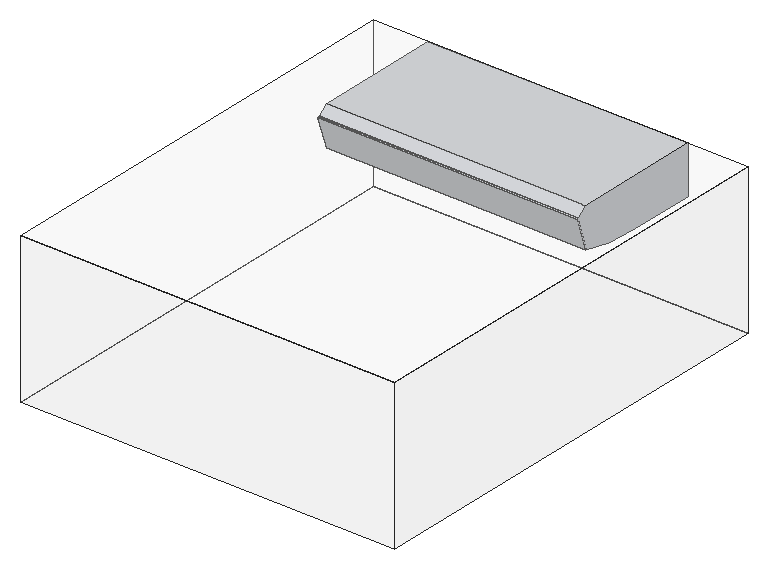
Revit family "pcfy-p45_160kmg9_60hz", category 機械設備, Revit 2019
Family settings
  丸型コネクタ寸法 = 直径を使用
  パーツ タイプ = 標準
  OmniClass 番号 = 23.75.10.24.21.27.27
  OmniClass タイトル = Split System Air Conditioning Units
  作業面ベース = いいえ
  常に垂直 = はい
  ロード時にボイドで切り取り = いいえ
  共有 = いいえ
  部屋計算ポイント = はい
Parameters (values of type "天吊_PCFY-P90KMG9")
  風量（弱）（m3／min） = 15
  風量（中2）（m3／min） = 16
  風量（中1）（m3／min） = 18
  風量（m3／min） = 20
  風量 = MAX風量  # 1200.0 m³/h
  音響パワーレベル（弱）(dB) = 54
  音響パワーレベル（中2）(dB) = 55
  音響パワーレベル（中1）(dB) = 56
  音響パワーレベル(dB) = 58
  電源種別 = ""
  電源_H = 0 mm
  電圧 = 200 V
  電動機出力_送風機 = 0.095 kW
  運転質量 = 0.00 kg
  連動 = ""
  質量 = if(製品質量 > 運転質量, 製品質量, 運転質量) * 1.2  # 38.40 kg
  負荷分類 = 3_ファン類
  説明 = "ビル用マルチ 天吊形室内機"
  設計暖房能力 = 0.00 kW
  設計冷房能力_顕熱 = 0 kW
  設計冷房能力 = 0 kW
  設置方法 = "天井吊形"
  記号 = ""
  製造元 = "三菱電機株式会社"
  製品質量 = 32.00 kg
  製品出荷対象 = "国内"
  製品リリース年月 = "2022/9/15"
  製品グループ = ""
  系統 = ""
  符号 = "ACP-CR"
  積算_科目 = "1 空気調和設備"
  積算_拾い区分 [instance] = ""
  相 = 1
  盤記号 = ""
  発停方法 = "付属スイッチ"
  特殊仕様 = ""
  点検口離隔 [instance] = if(点検口離隔入力値 > 200 mm, 200 mm, if(点検口離隔入力値 < 150 mm, 150 mm, 点検口離隔入力値))  # 150 mm
  点検口離隔入力値 [instance] = 0 mm
  点検口設置範囲 = 0 mm
  点検口 = yes
  火災停止 = ""
  消費電力_暖房 = 0.08 kW
  消費電力_冷房 = 0.09 kW
  消費電力 = if(消費電力_冷房 > 消費電力_暖房, 消費電力_冷房, 消費電力_暖房)  # 0.09 kW
  法定耐用年数 = "6"
  極数 = 1
  材質 = ""
  本体マテリアル = none
  有効加湿量 = 0
  暖房能力 = 10.00 kW
  推奨ブレーカー容量 = 15 A
  形式_加湿器 = ""
  形式 = "天井吊（露出）形"
  幹線記号 = ""
  始動方式 = "直入"
  呼称 = "室内機_天井吊(露出)形"
  周波数 = 60 Hz
  吊り位置Y = 320 mm
  吊り位置X = 1237 mm
  吊りボルト_H = 50 mm
  台数_手元リモコン = ""
  台数_冷媒分岐ユニット = ""
  参照している仕様書等のバージョン = "公共建築物標準仕様書（機械設備工事編）平成31年度版"
  加湿給水管径 = 0 mm
  分類コード = "50053003221080"
  分類グループ = ""
  冷房能力 = 9 kW
  冷媒高低圧ガス管径 = 0 mm
  冷媒管径符号 = "Bd"
  冷媒管径 = 100 mm
  冷媒液管高さ = 126 mm
  冷媒液管長さ = 184 mm
  冷媒液管径 = 9.5 mm
  冷媒ガス管高さ = 126 mm
  冷媒ガス管長さ = 200 mm
  冷媒ガス管径 = 15.9 mm
  企業コード = "108420"
  付属品_フィルター = ""
  付属品 = ""
  仕様書バージョン = "Version1.0"
  モデル = "PCFY-P90KMG9"
  パネルマテリアル = none
  ドレン管高さ = 190 mm
  ドレン管径 (外径) = 26 mm
  ドレン管径 = 20 mm
  サービススペース = yes
  コメント [instance] = ""
  ケーブル種類1 = ""
  ケーブルサイズ1 = 1.6 mm
  【値が 0 の項目は組合せ形名にてご確認ください】 = ""
  Width = 1280 mm
  Version = ""
  Uniclass2015Version = "Systems v1.9"
  Uniclass2015Title = "Split coil remote air cooled condensing units"
  Uniclass2015Code = "Pr_70_65_03_84"
  URL = "https://www.mitsubishielectric.co.jp/ldg/wink/ssl/displayProduct.do?pid=321243"
  SpecificationReference = ""
  SpecificationDescription = ""
  Revision = ""
  ProductInformation = ""
  OmniClassCode = "23-33 17 13 11"
  MIN風量 = 風量（弱）（m3／min） * 60.0 m³/h  # 900.0 m³/h
  MID風量2 = 風量（中2）（m3／min） * 60.0 m³/h  # 960.0 m³/h
  MID風量 = 風量（中1）（m3／min） * 60.0 m³/h  # 1080.0 m³/h
  MAX風量 = 風量（m3／min） * 60.0 m³/h  # 1200.0 m³/h
  IfcTypeProduct = ""
  IfcProduct = ""
  IfcExportType = "AIRCONDITIONINGUNIT"
  IfcExportAs = "IfcUnitaryEquipmentType"
  Height_本体 = 230 mm
  Height = Height_本体 + 6 mm  # 236 mm
  Depth = 680 mm
  Clearance Top = 1 mm
  Clearance Right = 300 mm  # constant formula
  Clearance Left = 270 mm  # constant formula
  Clearance Front = 1500 mm
  Clearance Bottom = 500 mm  # constant formula
  Clearance Back = 0 mm  # constant formula
  Author = "三菱電機株式会社"
Types (8, lengths in mm): name | 風量（弱）（m3／min） | 風量（中2）（m3／min） | 風量（中1）（m3／min） | 風量（m3／min） | 風量 | 音響パワーレベル（弱）(dB) | 音響パワーレベル（中2）(dB) | 音響パワーレベル（中1）(dB) | 音響パワーレベル(dB) | 電動機出力_送風機 | 質量 | 製品質量 | 消費電力_暖房 | 消費電力_冷房 | 消費電力 | 暖房能力 | 吊り位置X | 冷房能力 | 冷媒管径符号 | 冷媒液管径 | 冷媒ガス管長さ | 冷媒ガス管径 | モデル | Width | URL | MIN風量 | MID風量2 | MID風量 | MAX風量
  天吊_PCFY-P45KMG9 | 9 | 10 | 11 | 12 | 720.0 m³/h | 48 | 49 | 51 | 53 | 0.09 kW | 28.80 kg | 24.00 kg | 0.04 kW | 0.05 kW | 0.05 kW | 5.00 kW | 917 | 4.5 kW | "Ac" | 6.35 | 203 | 12.7 | "PCFY-P45KMG9" | 960 | "https://www.mitsubishielectric.co.jp/ldg/wink/ssl/displayProduct.do?pid=321240" | 540.0 m³/h | 600.0 m³/h | 660.0 m³/h | 720.0 m³/h
  天吊_PCFY-P56KMG9 | 10 | 11 | 12 | 13 | 780.0 m³/h | 49 | 51 | 53 | 55 | 0.09 kW | 28.80 kg | 24.00 kg | 0.05 kW | 0.06 kW | 0.06 kW | 6.30 kW | 917 | 5.6 kW | "Ac" | 6.35 | 203 | 12.7 | "PCFY-P56KMG9" | 960 | "https://www.mitsubishielectric.co.jp/ldg/wink/ssl/displayProduct.do?pid=321241" | 600.0 m³/h | 660.0 m³/h | 720.0 m³/h | 780.0 m³/h
  天吊_PCFY-P71KMG9 | 14 | 15 | 16 | 18 | 1080.0 m³/h | 52 | 53 | 54 | 55 | 0.095 kW | 38.40 kg | 32.00 kg | 0.07 kW | 0.08 kW | 0.08 kW | 8.00 kW | 1237 | 7.1 kW | "Bd" | 9.5 | 200 | 15.9 | "PCFY-P71KMG9" | 1280 | "https://www.mitsubishielectric.co.jp/ldg/wink/ssl/displayProduct.do?pid=321267" | 840.0 m³/h | 900.0 m³/h | 960.0 m³/h | 1080.0 m³/h
  天吊_PCFY-P80KMG9 | 14 | 15 | 16 | 18 | 1080.0 m³/h | 52 | 53 | 54 | 55 | 0.095 kW | 38.40 kg | 32.00 kg | 0.07 kW | 0.08 kW | 0.08 kW | 9.00 kW | 1237 | 8 kW | "Bd" | 9.5 | 200 | 15.9 | "PCFY-P80KMG9" | 1280 | "https://www.mitsubishielectric.co.jp/ldg/wink/ssl/displayProduct.do?pid=321242" | 840.0 m³/h | 900.0 m³/h | 960.0 m³/h | 1080.0 m³/h
  天吊_PCFY-P90KMG9 | 15 | 16 | 18 | 20 | 1200.0 m³/h | 54 | 55 | 56 | 58 | 0.095 kW | 38.40 kg | 32.00 kg | 0.08 kW | 0.09 kW | 0.09 kW | 10.00 kW | 1237 | 9 kW | "Bd" | 9.5 | 200 | 15.9 | "PCFY-P90KMG9" | 1280 | "https://www.mitsubishielectric.co.jp/ldg/wink/ssl/displayProduct.do?pid=321243" | 900.0 m³/h | 960.0 m³/h | 1080.0 m³/h | 1200.0 m³/h
  天吊_PCFY-P112KMG9 | 20 | 22 | 25 | 28 | 1680.0 m³/h | 55 | 57 | 59 | 61 | 0.16 kW | 43.20 kg | 36.00 kg | 0.13 kW | 0.14 kW | 0.14 kW | 12.50 kW | 1557 | 11.2 kW | "Bd" | 9.5 | 200 | 15.9 | "PCFY-P112KMG9" | 1600 | "https://www.mitsubishielectric.co.jp/ldg/wink/ssl/displayProduct.do?pid=321244" | 1200.0 m³/h | 1320.0 m³/h | 1500.0 m³/h | 1680.0 m³/h
  天吊_PCFY-P140KMG9 | 21 | 24 | 27 | 31 | 1860.0 m³/h | 57 | 59 | 61 | 63 | 0.16 kW | 45.60 kg | 38.00 kg | 0.15 kW | 0.16 kW | 0.16 kW | 16.00 kW | 1557 | 14 kW | "Bd" | 9.5 | 200 | 15.9 | "PCFY-P140KMG9" | 1600 | "https://www.mitsubishielectric.co.jp/ldg/wink/ssl/displayProduct.do?pid=321245" | 1260.0 m³/h | 1440.0 m³/h | 1620.0 m³/h | 1860.0 m³/h
  天吊_PCFY-P160KMG9 | 21 | 24 | 27 | 31 | 1860.0 m³/h | 58 | 60 | 62 | 64 | 0.16 kW | 46.80 kg | 39.00 kg | 0.18 kW | 0.19 kW | 0.19 kW | 18.00 kW | 1557 | 16 kW | "Bd" | 9.5 | 200 | 15.9 | "PCFY-P160KMG9" | 1600 | "https://www.mitsubishielectric.co.jp/ldg/wink/ssl/displayProduct.do?pid=321246" | 1260.0 m³/h | 1440.0 m³/h | 1620.0 m³/h | 1860.0 m³/h
Reference planes
  plane 1 "中心(正面/背面)": y = 0
  plane 2: z = 0
  plane 3 "中心(左/右)": x = 0
  plane 4: z = 236
  plane 5: x = -618.5
  plane 6: x = 618.5
  plane 7: y = 260
  plane 8: y = -60
  plane 9: y = 340
  plane 10: y = -340
  plane 11: x = -640
  plane 12: x = 640
  plane 13: x = -910
  plane 14: x = 940
  plane 15: y = 340
  plane 16: y = -1840
  plane 17: z = 237
  plane 18: z = -1020
  plane 19: z = -500
  plane 20: x = -662
Dimensions and locks
  "吊り位置X": plane 5 to plane 6
  equal spacing: plane 5, plane 3 "中心(左/右)", plane 6
  "吊り位置Y": plane 8 to plane 7
  equal spacing: plane 10, plane 1 "中心(正面/背面)", plane 9
  "Depth": plane 10 to plane 9
  equal spacing: plane 11, plane 3 "中心(左/右)", plane 12
  "Width": plane 11 to plane 12
  "Clearance Back": plane 9 to plane 15
  "Clearance Front": plane 16 to plane 10
  "Clearance Right": plane 12 to plane 14
  "Clearance Left": plane 13 to plane 11
  "Height": plane 4 to level
  locked: plane 7 to plane 9 at 80
  "Clearance Bottom": level to plane 19
  "Clearance Top": plane 17 to plane 4
  aligned and locked: level to plane 2
  aligned and locked: plane 5 to nested 2
  aligned and locked: plane 6 to nested 2
  aligned and locked: nested 2 to plane 7
  aligned and locked: plane 8 to nested 2
  aligned and locked: nested 1 to plane 13
  aligned and locked: nested 1 to plane 14
  aligned and locked: plane 16 to nested 1
  aligned and locked: plane 15 to nested 1
  aligned and locked: plane 17 to nested 1
  aligned and locked: plane 1 "中心(正面/背面)" to nested 3
  aligned and locked: plane 3 "中心(左/右)" to nested 3
  aligned and locked: plane 19 to nested 1
Nested families
  nested 1: "サービススペース" at (15, -750, -131.5), visible <- "サービススペース", type "サービススペース"
    with Width 1850 mm, Height 737 mm, Depth 2180 mm
  nested 2: "固定点" at (-618.5, -60, 0), type "固定点"
    with W 1237 mm, D 320 mm
  nested 3: "PCFY-P-KMG" at (0, 0, 0), type "PCFY-P-KMG", detail levels fine
    with 冷媒配管サイズ 9.5 mm, 吊りボルト-W 1237 mm, ガス配管サイズ 15.9 mm, 幅さ 1280 mm
Connectors
  electrical at (356, 339, 206), driven by "極数", driven by "負荷分類", driven by "電圧", driven by "消費電力"
    settings: on nested 3, index 1, voltage 200 V, apparent load 90 VA, apparent load phase1 0 VA, apparent load phase2 0 VA, apparent load phase3 0 VA, power factor 1, load classification "3_ファン類", number of poles 1, system type 30, power factor state 1, is connector primary yes, connector utility no, sub classification motor no, connector description ""
  piping at (511.5, 140, 110), diameter 9.5, driven by "冷媒液管径"
    settings: on nested 3, index 2, connector inside diameter 609.6 mm, connector length 0 mm, flow factor 0, pipe flow 0.0 L/s, pressure drop 0.0 Pa, fitting loss kfactor 0, connector angle 0.00°, fixture units 0, engagement length 0 mm, angle of deflection 0.00°, flow configuration 1, flow direction 1, fitting loss method 4, system type 7, joint type 0, gender type 0, connector reference index -1, connector utility 0, adjustable connector no, is connector primary yes, connector description ""
  piping at (502, 94, 46), diameter 20, driven by "ドレン管径"
    settings: on nested 3, index 3, connector inside diameter 609.6 mm, connector length 0 mm, flow factor 0, pipe flow 0.0 L/s, pressure drop 0.0 Pa, fitting loss kfactor 0, connector angle 0.00°, fixture units 0, engagement length 0 mm, angle of deflection 0.00°, flow configuration 1, flow direction 2, fitting loss method 0, system type 16, joint type 0, gender type 0, connector reference index -1, connector utility 0, adjustable connector no, is connector primary no, connector description ""
  piping at (-565, 94, 46), diameter 20, driven by "ドレン管径"
    settings: on nested 3, index 4, connector inside diameter 609.6 mm, connector length 0 mm, flow factor 0, pipe flow 0.0 L/s, pressure drop 0.0 Pa, fitting loss kfactor 0, connector angle 0.00°, fixture units 0, engagement length 0 mm, angle of deflection 0.00°, flow configuration 1, flow direction 2, fitting loss method 4, system type 16, joint type 0, gender type 0, connector reference index -1, connector utility 0, adjustable connector no, is connector primary no, connector description ""
Definition of nested family "サービススペース"
  Parameters (values of type "サービススペース")
    Width [instance] = 500 mm
    Height [instance] = 500 mm
    Depth [instance] = 500 mm
  Reference planes
    plane 1 "中心(正面/背面)": y = 0
    plane 2: z = 0
    plane 3 "中心(左/右)": x = 0
    plane 4: y = -250
    plane 5: x = 250
    plane 6: y = 250
    plane 7: x = -250
    plane 8: z = 250
    plane 9: z = -250
  Forms (mm)
    Extrusion 1, solid
      sketch origin (-638.939, 0, 72.39) x (1, 0, 0) y (0, 1, 0)
        loop
          line (388.939, 250) -> (388.939, -250) -> (888.939, -250) -> (888.939, 250) -> (388.939, 250)
      from -322.39 to 177.61
  Lines and regions (mm)
    symbolic lines
      curve 1: line (-250, 0, 250) -> (250, 0, 250)
      curve 2: line (-250, 0, -250) -> (-250, 0, 250)
      curve 3: line (250, 0, -250) -> (-250, 0, -250)
      curve 4: line (250, 0, 250) -> (250, 0, -250)
      curve 5: line (0, -250, 250) -> (0, 250, 250)
      curve 6: line (0, -250, -250) -> (0, -250, 250)
      curve 7: line (0, 250, -250) -> (0, -250, -250)
      curve 8: line (0, 250, 250) -> (0, 250, -250)
      curve 9: line (-250, 250, 0) -> (250, 250, 0)
      curve 10: line (-250, -250, 0) -> (-250, 250, 0)
      curve 11: line (250, -250, 0) -> (-250, -250, 0)
      curve 12: line (250, 250, 0) -> (250, -250, 0)
  Dimensions and locks
    equal spacing: plane 7, plane 3 "中心(左/右)", plane 5
    equal spacing: plane 4, plane 1 "中心(正面/背面)", plane 6
    "Depth": plane 4 to plane 6
    "Width": plane 7 to plane 5
    equal spacing: plane 8, plane 2, plane 9
    "Height": plane 8 to plane 9
    aligned and locked: plane 9 to curve 3
    aligned and locked: plane 7 to curve 2
    aligned and locked: curve 4 to plane 5
    aligned and locked: plane 5 to Extrusion 1
    aligned and locked: Extrusion 1 to plane 7
    aligned and locked: Extrusion 1 to plane 9
    aligned and locked: plane 8 to Extrusion 1
    aligned and locked: plane 9 to curve 7
  Automatic sketch dimensions
    plane 4 to Extrusion 1 sketch curve = 0 mm
    Extrusion 1 sketch curve to plane 7 = 0 mm
    Extrusion 1 sketch curve to plane 5 = 0 mm
    plane 6 to Extrusion 1 sketch curve = 0 mm
    curve 2 to plane 8 = 0 mm
    plane 4 to curve 11 = 0 mm
    curve 11 to plane 7 = 0 mm
    curve 11 to plane 5 = 0 mm
    plane 6 to curve 10 = 0 mm
    curve 7 to plane 4 = 0 mm
    curve 7 to plane 6 = 0 mm
    curve 6 to plane 8 = 0 mm
Definition of nested family "PCFY-P-KMG"
  Parameters (values of type "PCFY-P-KMG")
    配線取出口サイズ = 22 mm
    配線取出口-Z = 0 mm
    配線取出口-Y = 0 mm
    配線取出口-X = 0 mm
    液配管サイズ = 100 mm
    高さ = 236 mm
    奥行き = 680 mm
    吊りボルト_H = 50 mm
    冷媒配管サイズ = 6.35 mm
    冷媒液管径-Z = 0 mm
    冷媒液管径-Y = 0 mm
    冷媒液管径-X = 0 mm
    冷媒ガス管径-Z = 0 mm
    冷媒ガス管径-Y = 0 mm
    冷媒ガス管径-X = 0 mm
    吊りボルト-W = 917 mm
    マテリアル = none
    ドレン配管サイズ = 26 mm
    ドレン管径-Z = 0 mm
    ドレン管径-Y = 0 mm
    ドレン管径-X = 0 mm
    ガス配管サイズ = 12.7 mm
    吊りボルト-D = 320 mm
    幅さ = 960 mm
  Reference planes
    plane 1 "中心(正面/背面)": y = 0
    plane 2: z = 0
    plane 3 "中心(左/右)": x = 0
    plane 4: z = 236
    plane 5: x = -480
    plane 6: x = 480
    plane 7: y = 340
    plane 8: y = -340
    plane 9: y = -289
    plane 10: y = -330
    plane 11: y = -335
    plane 12: z = 84
    plane 13: z = 172
    plane 14: z = 195
    plane 15: z = 200
    plane 16: z = 40
    plane 17: x = -426.5
    plane 18: x = 426.5
    plane 19: x = 373
    plane 20: y = -136
    plane 21: y = -193
    plane 22: y = 86
    plane 23: z = 110
    plane 24: z = 46
    plane 25: x = -469
    plane 26: y = 156
    plane 27: y = 137
    plane 28: y = 94
    plane 29: x = -158
    plane 30: z = 206
    plane 31: x = -405
    plane 32: x = 342
    plane 33: x = 394
    plane 34: x = 309
    plane 35: x = 196
    plane 36: x = 168
    plane 37: y = 140
  Forms (mm)
    Extrusion 1, solid, material <- "マテリアル"
      sketch origin (480, 1296.25, 1200) x (0, 1, 0) y (0, 0, 1)
        loop
          line (-1585.25, -964) -> (-1626.25, -1000) -> (-1631.25, -1000) -> (-1636.25, -1005) -> (-1585.25, -1160)
          arc (-1585.25, -1160) -> (-1442.128, -1189.953) -> (-1296.25, -1200) r 1064.013
          line (-1296.25, -1200) -> (-956.25, -1200) -> (-956.25, -964) -> (-1585.25, -964)
      from -960 to 0
    Extrusion 2, solid, material <- "マテリアル"
      sketch origin (674, 0, 0) x (1, 0, 0) y (0, 0, 1)
        loop
          circle (-478, 206) r 11
      from -339 to -340
    Extrusion 3, solid, material <- "マテリアル"
      sketch origin (0, 0, 0) x (-1, 0, 0) y (0, 0, -1)
        loop
          circle (-394, -110) r 6.35
      from -140 to -37
    Extrusion 4, solid, material <- "マテリアル"
      sketch origin (0, 0, 0) x (-1, 0, 0) y (0, 0, -1)
        loop
          circle (-351.5, -110) r 50
      from -140 to -37
    Extrusion 5, solid, material <- "マテリアル"
      sketch origin (0, 0, 0) x (-1, 0, 0) y (0, 0, -1)
        loop
          circle (-309, -110) r 3.175
      from -156 to -56
    Extrusion 6, solid, material <- "マテリアル"
      sketch origin (0, 0, 0) x (-1, 0, 0) y (0, 0, -1)
        loop
          circle (405, -46) r 13
        loop
          circle (-342, -46) r 13
      from -94 to 6
    Extrusion 7, solid, material <- "マテリアル"
      sketch origin (646, 0, 0) x (1, 0, 0) y (0, 0, 1)
        loop
          circle (-478, 206) r 11
      from -339 to -340
    Extrusion 8, solid, material <- "マテリアル"
      sketch origin (674, 0, -169) x (1, 0, 0) y (0, 0, 1)
        loop
          circle (-478, 206) r 11
      from -339 to -340
    Extrusion 9, solid, material <- "マテリアル"
      sketch origin (646, 0, -169) x (1, 0, 0) y (0, 0, 1)
        loop
          circle (-478, 206) r 11
      from -339 to -340
  Lines and regions (mm)
    model lines
      curve 1: line (426.5, -303.59, 84.341) -> (426.5, -332.355, 171.766)
      curve 2: line (426.5, -332.355, 171.766) -> (-426.5, -332.355, 171.766)
      curve 3: line (-426.5, -303.59, 84.341) -> (426.5, -303.59, 84.341)
      curve 4: line (-426.5, -332.355, 171.766) -> (-426.5, -303.59, 84.341)
      curve 5: line (-426.5, 310, 0) -> (-426.5, 86, 0)
      curve 6: line (426.5, 310, 0) -> (426.5, 86, 0)
      curve 7: line (426.5, 310, 0) -> (-426.5, 310, 0)
      curve 8: line (426.5, 86, 0) -> (-426.5, 86, 0)
      curve 9: line (426.5, 294, 0) -> (-426.5, 294, 0)
      curve 10: line (426.5, 278, 0) -> (-426.5, 278, 0)
      curve 11: line (426.5, 262, 0) -> (-426.5, 262, 0)
      curve 12: line (426.5, 246, 0) -> (-426.5, 246, 0)
      curve 13: line (426.5, 230, 0) -> (-426.5, 230, 0)
      curve 14: line (426.5, 214, 0) -> (-426.5, 214, 0)
      curve 15: line (426.5, 198, 0) -> (-426.5, 198, 0)
      curve 16: line (426.5, 182, 0) -> (-426.5, 182, 0)
      curve 17: line (426.5, 166, 0) -> (-426.5, 166, 0)
      curve 18: line (426.5, 150, 0) -> (-426.5, 150, 0)
      curve 19: line (426.5, 134, 0) -> (-426.5, 134, 0)
      curve 20: line (426.5, 118, 0) -> (-426.5, 118, 0)
      curve 21: line (426.5, 102, 0) -> (-426.5, 102, 0)
  Dimensions and locks
    equal spacing: plane 8, plane 1 "中心(正面/背面)", plane 7
    "奥行き": plane 8 to plane 7
    equal spacing: plane 5, plane 3 "中心(左/右)", plane 6
    "幅さ": plane 5 to plane 6
    "高さ": plane 4 to level
    locked: plane 8 to plane 11 at 5
    locked: plane 8 to plane 10 at 10
    locked: plane 8 to plane 9 at 51
    locked: plane 12 to level at 84
    locked: plane 14 to level at 195
    locked: plane 15 to level at 200
    locked: plane 16 to level at 40
    plane 17 to plane 18 = 853 mm
    locked: plane 5 to plane 17 at 53.5
    locked: plane 18 to plane 6 at 53.5
    locked: plane 13 to plane 12 at 88
    locked: plane 21 to plane 20 at 57
    locked: plane 20 to plane 7 at 476
    locked: plane 22 to plane 7 at 254
    locked: plane 4 to plane 23 at 126
    locked: plane 4 to plane 24 at 190
    locked: plane 28 to plane 7 at 246
    locked: plane 26 to plane 7 at 184
    locked: plane 27 to plane 7 at 203
    locked: plane 5 to plane 29 at 322
    locked: plane 4 to plane 30 at 30
    plane 33 to plane 6 = 86 mm
    plane 34 to plane 33 = 85 mm
    plane 32 to plane 6 = 138 mm
    plane 5 to plane 31 = 75 mm
    plane 6 to plane 35 = 284 mm
    plane 35 to plane 36 = 28 mm
    "配線取出口サイズ": diameter of Extrusion 2 sketch curve
    "ガス配管サイズ": diameter of Extrusion 3 sketch curve
    "液配管サイズ": diameter of Extrusion 4 sketch curve
    "冷媒配管サイズ": diameter of Extrusion 5 sketch curve
    "ドレン配管サイズ": diameter of Extrusion 6 sketch curve  (x2)
    "配線取出口サイズ": diameter of Extrusion 7 sketch curve
    "配線取出口サイズ": diameter of Extrusion 8 sketch curve
    "配線取出口サイズ": diameter of Extrusion 9 sketch curve
    aligned and locked: level to plane 2
    aligned and locked: Extrusion 1 sketch curve to plane 4
    aligned and locked: Extrusion 1 sketch curve to plane 7
    aligned and locked: Extrusion 1 sketch curve to level
    aligned and locked: plane 15 to Extrusion 1 sketch curve
    aligned and locked: plane 14 to Extrusion 1 sketch curve
    aligned and locked: plane 16 to Extrusion 1 sketch curve
    aligned and locked: Extrusion 1 to plane 5
    aligned and locked: plane 6 to Extrusion 1
    aligned and locked: curve 4 to plane 17
    aligned and locked: plane 18 to curve 1
    aligned and locked: curve 5 to plane 17
    aligned and locked: curve 6 to plane 18
    aligned and locked: curve 8 to plane 22
    aligned and locked: plane 30 to Extrusion 2 sketch curve
    aligned and locked: plane 7 to Extrusion 2
  Automatic sketch dimensions
    plane 7 to curve 7 = 30 mm
    curve 21 to plane 28 = 8 mm
    curve 21 to curve 20 = 16 mm
    plane 27 to curve 19 = 3 mm
    plane 26 to curve 18 = 6 mm
    curve 17 to plane 26 = 10 mm
    curve 17 to curve 16 = 16 mm
    curve 16 to curve 15 = 16 mm
    curve 15 to curve 14 = 16 mm
    curve 14 to curve 13 = 16 mm
    curve 13 to curve 12 = 16 mm
    curve 12 to curve 11 = 16 mm
    curve 11 to curve 10 = 16 mm
    curve 10 to curve 9 = 16 mm
    Extrusion 1 sketch curve to plane 8 = 0 mm
    Extrusion 1 sketch curve to plane 11 = 0 mm
    Extrusion 1 sketch curve to plane 10 = 0 mm
    Extrusion 1 sketch curve to plane 9 = 0 mm  (x2)
    Extrusion 1 sketch curve to plane 1 "中心(正面/背面)" = 0 mm
    Extrusion 1 to curve 1 = 24.459 mm
    curve 3 to Extrusion 1 = 46.68 mm
    Extrusion 1 to curve 4 = 53.5 mm
    Extrusion 1 to curve 3 = 53.5 mm
    Extrusion 2 sketch curve to plane 35 = 0 mm
    Extrusion 3 sketch curve to plane 23 = 0 mm
    Extrusion 3 sketch curve to plane 33 = 0 mm
    Extrusion 4 sketch curve to plane 23 = 0 mm
    Extrusion 4 sketch curve to plane 32 = 9.5 mm
    Extrusion 5 sketch curve to plane 23 = 0 mm
    Extrusion 5 sketch curve to plane 34 = 0 mm
    Extrusion 6 sketch curve to plane 24 = 0 mm  (x2)
    Extrusion 6 sketch curve to plane 32 = 0 mm
    Extrusion 6 sketch curve to plane 31 = 0 mm
    Extrusion 7 sketch curve to plane 30 = 0 mm
    Extrusion 7 sketch curve to plane 36 = 0 mm
    Extrusion 8 sketch curve to plane 35 = 0 mm
    Extrusion 8 sketch curve to plane 16 = 3 mm
    Extrusion 9 sketch curve to plane 36 = 0 mm
    Extrusion 9 sketch curve to plane 16 = 3 mm
Definition of nested family "固定点"
  Parameters (values of type "固定点")
    中心円 = 20 mm
    W [instance] = 1000 mm
    D [instance] = 1000 mm
  Reference planes
    plane 1 "中心(正面/背面)": y = 0
    plane 2: z = 0
    plane 3 "中心(左/右)": x = 0
    plane 4: x = 1000
    plane 5: y = 1000
  Lines and regions (mm)
    symbolic lines, detail levels fine
      curve 1: circle (0, 1000, 0) r 10 normal (0, 0, 1)
      curve 2: circle (0, 0, 0) r 10 normal (0, 0, 1)
      curve 3: circle (1000, 1000, 0) r 10 normal (0, 0, 1)
      curve 4: circle (1000, 0, 0) r 10 normal (0, 0, 1)
      curve 5: line (-200, 1000, 0) -> (1200, 1000, 0)
      curve 6: line (-200, 0, 0) -> (1200, 0, 0)
      curve 7: line (0, 1200, 0) -> (0, -200, 0)
      curve 8: line (1000, 1200, 0) -> (1000, -200, 0)
  Dimensions and locks
    "W": plane 3 "中心(左/右)" to plane 4
    "D": plane 1 "中心(正面/背面)" to plane 5
    "中心円": diameter of curve 1
    "中心円": diameter of curve 2
    "中心円": diameter of curve 3
    "中心円": diameter of curve 4
    aligned and locked: level to plane 2
    aligned and locked: plane 5 to curve 1
    aligned and locked: plane 3 "中心(左/右)" to curve 1
    aligned and locked: plane 3 "中心(左/右)" to curve 2
    aligned and locked: plane 1 "中心(正面/背面)" to curve 2
    aligned and locked: plane 4 to curve 3
    aligned and locked: plane 5 to curve 3
    aligned and locked: plane 1 "中心(正面/背面)" to curve 4
    aligned and locked: plane 4 to curve 4
    aligned and locked: plane 1 "中心(正面/背面)" to curve 6
    aligned and locked: curve 7 to plane 3 "中心(左/右)"
    aligned and locked: curve 8 to plane 4
  Automatic sketch dimensions
    curve 5 to plane 5 = 0 mm
    curve 6 to plane 3 "中心(左/右)" = 200 mm
    curve 5 to plane 3 "中心(左/右)" = 200 mm
    curve 4 to curve 6 = 200 mm
    curve 3 to curve 5 = 200 mm
    plane 1 "中心(正面/背面)" to curve 8 = 200 mm
    plane 1 "中心(正面/背面)" to curve 7 = 200 mm
    curve 3 to curve 8 = 200 mm
    curve 1 to curve 7 = 200 mm
